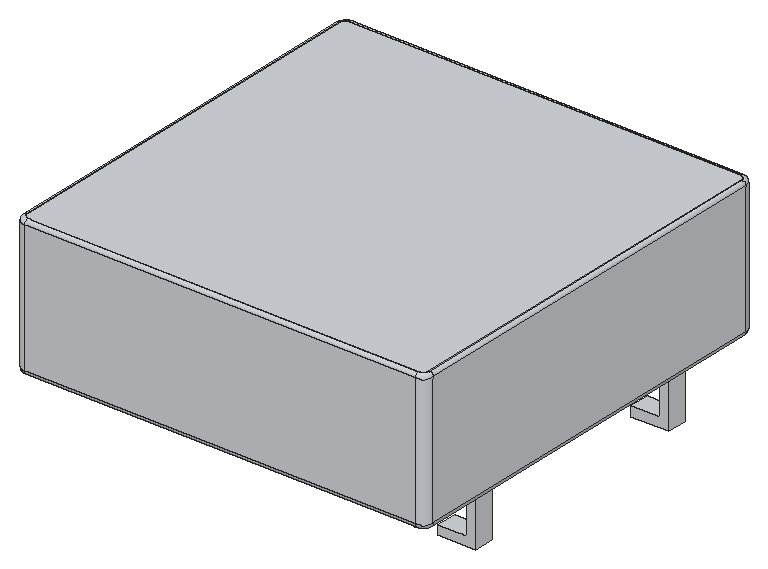
Revit family
Parameters (values of type "100 x 100 cm")
  Manufacturer = "Revit"
  Materiale Piedi = none
  Materiale [instance] = none
Reference planes
  plane 1 "Center (Front/Back)": y = 0
  plane 2: z = 0
  plane 3 "Center (Left/Right)": x = 0
Forms (mm)
  Extrusion 1, solid, material <- "Materiale"
    sketch origin (1084.275, -50.432, 115) x (1, 0, 0) y (0, 1, 0)
      loop
        line (-591.622, 65.132) -> (-591.622, 1035.738)
        arc (-591.622, 1035.738) -> (-595.925, 1046.128) -> (-606.315, 1050.432) r 14.693
        line (-606.315, 1050.432) -> (-1576.928, 1050.432)
        arc (-1576.928, 1050.432) -> (-1587.318, 1046.128) -> (-1591.622, 1035.738) r 14.693
        line (-1591.622, 1035.738) -> (-1591.622, 65.125)
        arc (-1591.622, 65.125) -> (-1587.318, 54.735) -> (-1576.928, 50.432) r 14.693
        line (-1576.928, 50.432) -> (-606.322, 50.432)
        arc (-606.322, 50.432) -> (-595.927, 54.737) -> (-591.622, 65.132) r 14.7
    from 0 to 345
  Sweep 2, solid, material <- "Materiale"
    path origin (1084.275, -50.432, 0) x (1, 0, 0) y (0, 1, 0)
      loop
        line (-606.315, 1050.432) -> (-1576.928, 1050.432)
        arc (-1576.928, 1050.432) -> (-1587.318, 1046.128) -> (-1591.622, 1035.738) r 14.693
        line (-1591.622, 1035.738) -> (-1591.622, 65.125)
        arc (-1591.622, 65.125) -> (-1587.318, 54.735) -> (-1576.928, 50.432) r 14.693
        line (-1576.928, 50.432) -> (-606.322, 50.432)
        arc (-606.322, 50.432) -> (-595.927, 54.737) -> (-591.622, 65.132) r 14.7
        line (-591.622, 65.132) -> (-591.622, 1035.738)
        arc (-591.622, 1035.738) -> (-595.925, 1046.128) -> (-606.315, 1050.432) r 14.693
    profile origin (-7.347, 1000, 0) x (0, -1, 0) y (0, 0, 1)
      loop
        arc (0, 460) -> (-7.071, 457.071) -> (-10, 450) r 10
        line (-10, 450) -> (-10, 125)
        arc (-10, 125) -> (-7.071, 117.929) -> (0, 115) r 10
        line (0, 115) -> (0, 460)
  Extrusion 3, solid, material <- "Materiale Piedi"
    sketch origin (1107.942, 809.568, 0) x (1, 0, 0) y (0, 0, 1)
      loop
        line (-1615.289, 115) -> (-1615.289, -0.916) -> (-1521.779, -0.916) -> (-1521.779, 22.224) -> (-1592.477, 22.224) -> (-1592.477, 115) -> (-1615.289, 115)
      loop
        line (-638.1, 115) -> (-638.1, 22.224) -> (-708.799, 22.224) -> (-708.799, -0.916) -> (-615.289, -0.916) -> (-615.289, 115) -> (-638.1, 115)
    from 0 to 50
  Extrusion 4, solid, material <- "Materiale Piedi"
    sketch origin (1107.942, 209.568, 0) x (1, 0, 0) y (0, 0, 1)
      loop
        line (-1521.779, 22.224) -> (-1592.477, 22.224) -> (-1592.477, 115) -> (-1615.289, 115) -> (-1615.289, -0.916) -> (-1521.779, -0.916) -> (-1521.779, 22.224)
      loop
        line (-638.1, 22.224) -> (-708.799, 22.224) -> (-708.799, -0.916) -> (-615.289, -0.916) -> (-615.289, 115) -> (-638.1, 115) -> (-638.1, 22.224)
    from 0 to 50
Lines and regions (mm)
  symbolic lines
    curve 1: line (-492.742, 1010, 0) -> (477.872, 1010, 0)
    curve 2: arc (-492.742, 1010, 0) -> (-510.203, 1002.768, 0) -> (-517.435, 985.307, 0) r 24.693
    curve 3: line (-517.435, 14.693, 0) -> (-517.435, 985.307, 0)
    curve 4: arc (502.565, 985.307, 0) -> (495.332, 1002.768, 0) -> (477.872, 1010, 0) r 24.693
    curve 5: line (502.565, 985.307, 0) -> (502.565, 10.307, 0)
    curve 6: line (477.865, -10, 0) -> (-492.742, -10, 0)
    curve 7: arc (477.865, -10, 0) -> (495.33, -2.766, 0) -> (502.565, 14.7, 0) r 24.7
    curve 8: arc (-517.435, 14.693, 0) -> (-510.203, -2.768, 0) -> (-492.742, -10, 0) r 24.693
Dimensions and locks
  aligned and locked: Extrusion 4 sketch curve to Extrusion 3  (x12)
  aligned and locked: Extrusion 1 to Sweep 2  (x2)
  aligned and locked: Extrusion 4 to Sweep 2
  aligned and locked: Extrusion 3 to Sweep 2
  aligned and locked: Sweep 2 sketch curve to Extrusion 1
